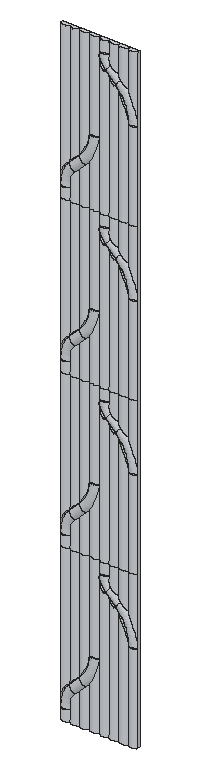
Revit family "OracDecor_W213", category Обобщенные модели, Revit 2019
Family settings
  Может служить основой для арматурных стержней = Нет
  Размер круглого соединителя = Использовать диаметр
  Тип детали = Нормальный
  На основе рабочей плоскости = Нет
  Всегда вертикально = Да
  При загрузке вырезать с полостями = Нет
  Общий = Нет
  Точка расчета площади = Нет
Parameters
  Изготовитель = "Family from POCHERTEAM"  # constant formula
  URL = "t.me/pocherteam"
Reference planes
  plane 1 "По центру (Вперед/Назад)": y = 0
  plane 2: z = 0
  plane 3 "По центру (Влево/Вправо)": x = 0
Forms (mm)
  Sweep 1, solid
    path origin (0, 0, 0) x (1, 0, 0) y (0, 0, 1)
      loop
        line (31.25, 35.378) -> (31.25, 37.378)
        arc (31.25, 37.378) -> (36.755, 64.334) -> (52.388, 86.974) r 68.75
        line (52.388, 86.974) -> (84.645, 117.94)
        arc (84.645, 117.94) -> (114.49, 161.16) -> (125, 212.622) r 131.25
        line (125, 212.622) -> (125, 214.622)
    profile origin (31.25, 0, 36.378) x (-1, 0, 0) y (0, -1, 0)
      loop
        arc (31.25, 8) -> (15.625, 16) -> (0, 8) r 19.259
        line (0, 8) -> (31.25, 8)
  Extrusion 2, solid
    sketch origin (-125, 0, 0) x (1, 0, 0) y (0, 1, 0)
      loop
        line (218.75, 0) -> (218.75, -8)
        arc (218.75, -8) -> (234.375, -16) -> (250, -8) r 19.259
        line (250, -8) -> (250, 0) -> (218.75, 0)
    from 0 to 500
  Extrusion 3, solid
    sketch origin (-218.75, 0, 0) x (1, 0, 0) y (0, 1, 0)
      loop
        line (218.75, 0) -> (218.75, -8)
        arc (218.75, -8) -> (234.375, -16) -> (250, -8) r 19.259
        line (250, -8) -> (250, 0) -> (218.75, 0)
    from 0 to 500
  Extrusion 4, solid
    sketch origin (-156.25, 0, 0) x (1, 0, 0) y (0, 1, 0)
      loop
        line (218.75, 0) -> (218.75, -8)
        arc (218.75, -8) -> (234.375, -16) -> (250, -8) r 19.259
        line (250, -8) -> (250, 0) -> (218.75, 0)
    from 0 to 500
  Extrusion 5, solid
    sketch origin (-187.5, 0, 0) x (1, 0, 0) y (0, 1, 0)
      loop
        line (218.75, 0) -> (218.75, -8)
        arc (218.75, -8) -> (234.375, -16) -> (250, -8) r 19.259
        line (250, -8) -> (250, 0) -> (218.75, 0)
    from 0 to 500
  Extrusion 6, solid
    sketch origin (375, 0, 250) x (0, 1, 0) y (-1, 0, 0)
      loop
        line (0, 218.75) -> (0, 250) -> (-8, 250)
        arc (-8, 250) -> (-16, 234.375) -> (-8, 218.75) r 19.259
        line (-8, 218.75) -> (0, 218.75)
    from -250 to 250
  Extrusion 7, solid
    sketch origin (406.25, 0, 250) x (0, 1, 0) y (-1, 0, 0)
      loop
        line (0, 218.75) -> (0, 250) -> (-8, 250)
        arc (-8, 250) -> (-16, 234.375) -> (-8, 218.75) r 19.259
        line (-8, 218.75) -> (0, 218.75)
    from -250 to 250
  Extrusion 8, solid
    sketch origin (437.5, 0, 250) x (0, 1, 0) y (-1, 0, 0)
      loop
        line (0, 218.75) -> (0, 250) -> (-8, 250)
        arc (-8, 250) -> (-16, 234.375) -> (-8, 218.75) r 19.259
        line (-8, 218.75) -> (0, 218.75)
    from -250 to 250
  Extrusion 9, solid
    sketch origin (468.75, 0, 250) x (0, 1, 0) y (-1, 0, 0)
      loop
        line (0, 218.75) -> (0, 250) -> (-8, 250)
        arc (-8, 250) -> (-16, 234.375) -> (-8, 218.75) r 19.259
        line (-8, 218.75) -> (0, 218.75)
    from -250 to 250
  Sweep 10, solid
    path origin (343.75, 0, 500) x (-1, 0, 0) y (0, 0, -1)
      loop
        line (218.75, 35.378) -> (218.75, 37.378)
        arc (218.75, 37.378) -> (213.245, 64.334) -> (197.612, 86.974) r 68.75
        line (197.612, 86.974) -> (165.355, 117.94)
        arc (165.355, 117.94) -> (135.51, 161.16) -> (125, 212.622) r 131.25
        line (125, 212.622) -> (125, 214.622)
    profile origin (125, 0, 463.622) x (0, -1, 0) y (1, 0, 0)
      loop
        line (8, 31.25) -> (8, 0)
        arc (8, 0) -> (16, 15.625) -> (8, 31.25) r 19.259
  Extrusion 11, void
    sketch origin (0, 0, 0) x (1, 0, 0) y (0, 0, 1)
      loop
        arc (125, 462.622) -> (130.505, 435.666) -> (146.138, 413.026) r 68.75
        line (146.138, 413.026) -> (178.395, 382.06)
        arc (178.395, 382.06) -> (208.24, 338.84) -> (218.75, 287.378) r 131.25
        line (218.75, 287.378) -> (218.75, 285.378) -> (250, 285.378) -> (250, 287.378)
        arc (250, 287.378) -> (236.988, 351.093) -> (200.036, 404.604) r 162.5
        line (200.036, 404.604) -> (167.78, 435.57)
        arc (167.78, 435.57) -> (159.253, 447.918) -> (156.25, 462.622) r 37.5
        line (156.25, 462.622) -> (156.25, 464.622) -> (125, 464.622) -> (125, 462.622)
      loop
        arc (84.645, 117.94) -> (114.49, 161.16) -> (125, 212.622) r 131.25
        line (125, 212.622) -> (125, 214.622) -> (93.75, 214.622) -> (93.75, 212.622)
        arc (93.75, 212.622) -> (85.743, 173.413) -> (63.003, 140.483) r 100
        line (63.003, 140.483) -> (30.747, 109.517)
        arc (30.747, 109.517) -> (8.007, 76.587) -> (0, 37.378) r 100
        line (0, 37.378) -> (0, 35.378) -> (31.25, 35.378) -> (31.25, 37.378)
        arc (31.25, 37.378) -> (36.755, 64.334) -> (52.388, 86.974) r 68.75
        line (52.388, 86.974) -> (84.645, 117.94)
    from 8 to 16
  Sweep 12, solid
    path origin (0, 0, 500) x (1, 0, 0) y (0, 0, 1)
      loop
        line (31.25, 35.378) -> (31.25, 37.378)
        arc (31.25, 37.378) -> (36.755, 64.334) -> (52.388, 86.974) r 68.75
        line (52.388, 86.974) -> (84.645, 117.94)
        arc (84.645, 117.94) -> (114.49, 161.16) -> (125, 212.622) r 131.25
        line (125, 212.622) -> (125, 214.622)
    profile origin (31.25, 0, 536.378) x (-1, 0, 0) y (0, -1, 0)
      loop
        arc (31.25, 8) -> (15.625, 16) -> (0, 8) r 19.259
        line (0, 8) -> (31.25, 8)
  Extrusion 13, solid
    sketch origin (-125, 0, 500) x (1, 0, 0) y (0, 1, 0)
      loop
        line (218.75, 0) -> (218.75, -8)
        arc (218.75, -8) -> (234.375, -16) -> (250, -8) r 19.259
        line (250, -8) -> (250, 0) -> (218.75, 0)
    from 0 to 500
  Extrusion 14, solid
    sketch origin (-218.75, 0, 500) x (1, 0, 0) y (0, 1, 0)
      loop
        line (218.75, 0) -> (218.75, -8)
        arc (218.75, -8) -> (234.375, -16) -> (250, -8) r 19.259
        line (250, -8) -> (250, 0) -> (218.75, 0)
    from 0 to 500
  Extrusion 15, solid
    sketch origin (-156.25, 0, 500) x (1, 0, 0) y (0, 1, 0)
      loop
        line (218.75, 0) -> (218.75, -8)
        arc (218.75, -8) -> (234.375, -16) -> (250, -8) r 19.259
        line (250, -8) -> (250, 0) -> (218.75, 0)
    from 0 to 500
  Extrusion 16, solid
    sketch origin (-187.5, 0, 500) x (1, 0, 0) y (0, 1, 0)
      loop
        line (218.75, 0) -> (218.75, -8)
        arc (218.75, -8) -> (234.375, -16) -> (250, -8) r 19.259
        line (250, -8) -> (250, 0) -> (218.75, 0)
    from 0 to 500
  Extrusion 17, solid
    sketch origin (375, 0, 750) x (0, 1, 0) y (-1, 0, 0)
      loop
        line (0, 218.75) -> (0, 250) -> (-8, 250)
        arc (-8, 250) -> (-16, 234.375) -> (-8, 218.75) r 19.259
        line (-8, 218.75) -> (0, 218.75)
    from -250 to 250
  Extrusion 18, solid
    sketch origin (406.25, 0, 750) x (0, 1, 0) y (-1, 0, 0)
      loop
        line (0, 218.75) -> (0, 250) -> (-8, 250)
        arc (-8, 250) -> (-16, 234.375) -> (-8, 218.75) r 19.259
        line (-8, 218.75) -> (0, 218.75)
    from -250 to 250
  Extrusion 19, solid
    sketch origin (437.5, 0, 750) x (0, 1, 0) y (-1, 0, 0)
      loop
        line (0, 218.75) -> (0, 250) -> (-8, 250)
        arc (-8, 250) -> (-16, 234.375) -> (-8, 218.75) r 19.259
        line (-8, 218.75) -> (0, 218.75)
    from -250 to 250
  Extrusion 20, solid
    sketch origin (468.75, 0, 750) x (0, 1, 0) y (-1, 0, 0)
      loop
        line (0, 218.75) -> (0, 250) -> (-8, 250)
        arc (-8, 250) -> (-16, 234.375) -> (-8, 218.75) r 19.259
        line (-8, 218.75) -> (0, 218.75)
    from -250 to 250
  Sweep 21, solid
    path origin (343.75, 0, 1000) x (-1, 0, 0) y (0, 0, -1)
      loop
        line (218.75, 35.378) -> (218.75, 37.378)
        arc (218.75, 37.378) -> (213.245, 64.334) -> (197.612, 86.974) r 68.75
        line (197.612, 86.974) -> (165.355, 117.94)
        arc (165.355, 117.94) -> (135.51, 161.16) -> (125, 212.622) r 131.25
        line (125, 212.622) -> (125, 214.622)
    profile origin (125, 0, 963.622) x (0, -1, 0) y (1, 0, 0)
      loop
        line (8, 31.25) -> (8, 0)
        arc (8, 0) -> (16, 15.625) -> (8, 31.25) r 19.259
  Extrusion 22, void
    sketch origin (0, 0, 500) x (1, 0, 0) y (0, 0, 1)
      loop
        arc (125, 462.622) -> (130.505, 435.666) -> (146.138, 413.026) r 68.75
        line (146.138, 413.026) -> (178.395, 382.06)
        arc (178.395, 382.06) -> (208.24, 338.84) -> (218.75, 287.378) r 131.25
        line (218.75, 287.378) -> (218.75, 285.378) -> (250, 285.378) -> (250, 287.378)
        arc (250, 287.378) -> (236.988, 351.093) -> (200.036, 404.604) r 162.5
        line (200.036, 404.604) -> (167.78, 435.57)
        arc (167.78, 435.57) -> (159.253, 447.918) -> (156.25, 462.622) r 37.5
        line (156.25, 462.622) -> (156.25, 464.622) -> (125, 464.622) -> (125, 462.622)
      loop
        arc (84.645, 117.94) -> (114.49, 161.16) -> (125, 212.622) r 131.25
        line (125, 212.622) -> (125, 214.622) -> (93.75, 214.622) -> (93.75, 212.622)
        arc (93.75, 212.622) -> (85.743, 173.413) -> (63.003, 140.483) r 100
        line (63.003, 140.483) -> (30.747, 109.517)
        arc (30.747, 109.517) -> (8.007, 76.587) -> (0, 37.378) r 100
        line (0, 37.378) -> (0, 35.378) -> (31.25, 35.378) -> (31.25, 37.378)
        arc (31.25, 37.378) -> (36.755, 64.334) -> (52.388, 86.974) r 68.75
        line (52.388, 86.974) -> (84.645, 117.94)
    from 8 to 16
  Sweep 23, solid
    path origin (0, 0, 1000) x (1, 0, 0) y (0, 0, 1)
      loop
        line (31.25, 35.378) -> (31.25, 37.378)
        arc (31.25, 37.378) -> (36.755, 64.334) -> (52.388, 86.974) r 68.75
        line (52.388, 86.974) -> (84.645, 117.94)
        arc (84.645, 117.94) -> (114.49, 161.16) -> (125, 212.622) r 131.25
        line (125, 212.622) -> (125, 214.622)
    profile origin (31.25, 0, 1036.378) x (-1, 0, 0) y (0, -1, 0)
      loop
        arc (31.25, 8) -> (15.625, 16) -> (0, 8) r 19.259
        line (0, 8) -> (31.25, 8)
  Extrusion 24, solid
    sketch origin (-125, 0, 1000) x (1, 0, 0) y (0, 1, 0)
      loop
        line (218.75, 0) -> (218.75, -8)
        arc (218.75, -8) -> (234.375, -16) -> (250, -8) r 19.259
        line (250, -8) -> (250, 0) -> (218.75, 0)
    from 0 to 500
  Extrusion 25, solid
    sketch origin (-218.75, 0, 1000) x (1, 0, 0) y (0, 1, 0)
      loop
        line (218.75, 0) -> (218.75, -8)
        arc (218.75, -8) -> (234.375, -16) -> (250, -8) r 19.259
        line (250, -8) -> (250, 0) -> (218.75, 0)
    from 0 to 500
  Extrusion 26, solid
    sketch origin (-156.25, 0, 1000) x (1, 0, 0) y (0, 1, 0)
      loop
        line (218.75, 0) -> (218.75, -8)
        arc (218.75, -8) -> (234.375, -16) -> (250, -8) r 19.259
        line (250, -8) -> (250, 0) -> (218.75, 0)
    from 0 to 500
  Extrusion 27, solid
    sketch origin (-187.5, 0, 1000) x (1, 0, 0) y (0, 1, 0)
      loop
        line (218.75, 0) -> (218.75, -8)
        arc (218.75, -8) -> (234.375, -16) -> (250, -8) r 19.259
        line (250, -8) -> (250, 0) -> (218.75, 0)
    from 0 to 500
  Extrusion 28, solid
    sketch origin (375, 0, 1250) x (0, 1, 0) y (-1, 0, 0)
      loop
        line (0, 218.75) -> (0, 250) -> (-8, 250)
        arc (-8, 250) -> (-16, 234.375) -> (-8, 218.75) r 19.259
        line (-8, 218.75) -> (0, 218.75)
    from -250 to 250
  Extrusion 29, solid
    sketch origin (406.25, 0, 1250) x (0, 1, 0) y (-1, 0, 0)
      loop
        line (0, 218.75) -> (0, 250) -> (-8, 250)
        arc (-8, 250) -> (-16, 234.375) -> (-8, 218.75) r 19.259
        line (-8, 218.75) -> (0, 218.75)
    from -250 to 250
  Extrusion 30, solid
    sketch origin (437.5, 0, 1250) x (0, 1, 0) y (-1, 0, 0)
      loop
        line (0, 218.75) -> (0, 250) -> (-8, 250)
        arc (-8, 250) -> (-16, 234.375) -> (-8, 218.75) r 19.259
        line (-8, 218.75) -> (0, 218.75)
    from -250 to 250
  Extrusion 31, solid
    sketch origin (468.75, 0, 1250) x (0, 1, 0) y (-1, 0, 0)
      loop
        line (0, 218.75) -> (0, 250) -> (-8, 250)
        arc (-8, 250) -> (-16, 234.375) -> (-8, 218.75) r 19.259
        line (-8, 218.75) -> (0, 218.75)
    from -250 to 250
  Sweep 32, solid
    path origin (343.75, 0, 1500) x (-1, 0, 0) y (0, 0, -1)
      loop
        line (218.75, 35.378) -> (218.75, 37.378)
        arc (218.75, 37.378) -> (213.245, 64.334) -> (197.612, 86.974) r 68.75
        line (197.612, 86.974) -> (165.355, 117.94)
        arc (165.355, 117.94) -> (135.51, 161.16) -> (125, 212.622) r 131.25
        line (125, 212.622) -> (125, 214.622)
    profile origin (125, 0, 1463.622) x (0, -1, 0) y (1, 0, 0)
      loop
        line (8, 31.25) -> (8, 0)
        arc (8, 0) -> (16, 15.625) -> (8, 31.25) r 19.259
  Extrusion 33, void
    sketch origin (0, 0, 1000) x (1, 0, 0) y (0, 0, 1)
      loop
        arc (125, 462.622) -> (130.505, 435.666) -> (146.138, 413.026) r 68.75
        line (146.138, 413.026) -> (178.395, 382.06)
        arc (178.395, 382.06) -> (208.24, 338.84) -> (218.75, 287.378) r 131.25
        line (218.75, 287.378) -> (218.75, 285.378) -> (250, 285.378) -> (250, 287.378)
        arc (250, 287.378) -> (236.988, 351.093) -> (200.036, 404.604) r 162.5
        line (200.036, 404.604) -> (167.78, 435.57)
        arc (167.78, 435.57) -> (159.253, 447.918) -> (156.25, 462.622) r 37.5
        line (156.25, 462.622) -> (156.25, 464.622) -> (125, 464.622) -> (125, 462.622)
      loop
        arc (84.645, 117.94) -> (114.49, 161.16) -> (125, 212.622) r 131.25
        line (125, 212.622) -> (125, 214.622) -> (93.75, 214.622) -> (93.75, 212.622)
        arc (93.75, 212.622) -> (85.743, 173.413) -> (63.003, 140.483) r 100
        line (63.003, 140.483) -> (30.747, 109.517)
        arc (30.747, 109.517) -> (8.007, 76.587) -> (0, 37.378) r 100
        line (0, 37.378) -> (0, 35.378) -> (31.25, 35.378) -> (31.25, 37.378)
        arc (31.25, 37.378) -> (36.755, 64.334) -> (52.388, 86.974) r 68.75
        line (52.388, 86.974) -> (84.645, 117.94)
    from 8 to 16
  Sweep 34, solid
    path origin (0, 0, 1500) x (1, 0, 0) y (0, 0, 1)
      loop
        line (31.25, 35.378) -> (31.25, 37.378)
        arc (31.25, 37.378) -> (36.755, 64.334) -> (52.388, 86.974) r 68.75
        line (52.388, 86.974) -> (84.645, 117.94)
        arc (84.645, 117.94) -> (114.49, 161.16) -> (125, 212.622) r 131.25
        line (125, 212.622) -> (125, 214.622)
    profile origin (31.25, 0, 1536.378) x (-1, 0, 0) y (0, -1, 0)
      loop
        arc (31.25, 8) -> (15.625, 16) -> (0, 8) r 19.259
        line (0, 8) -> (31.25, 8)
  Extrusion 35, solid
    sketch origin (-125, 0, 1500) x (1, 0, 0) y (0, 1, 0)
      loop
        line (218.75, 0) -> (218.75, -8)
        arc (218.75, -8) -> (234.375, -16) -> (250, -8) r 19.259
        line (250, -8) -> (250, 0) -> (218.75, 0)
    from 0 to 500
  Extrusion 36, solid
    sketch origin (-218.75, 0, 1500) x (1, 0, 0) y (0, 1, 0)
      loop
        line (218.75, 0) -> (218.75, -8)
        arc (218.75, -8) -> (234.375, -16) -> (250, -8) r 19.259
        line (250, -8) -> (250, 0) -> (218.75, 0)
    from 0 to 500
  Extrusion 37, solid
    sketch origin (-156.25, 0, 1500) x (1, 0, 0) y (0, 1, 0)
      loop
        line (218.75, 0) -> (218.75, -8)
        arc (218.75, -8) -> (234.375, -16) -> (250, -8) r 19.259
        line (250, -8) -> (250, 0) -> (218.75, 0)
    from 0 to 500
  Extrusion 38, solid
    sketch origin (-187.5, 0, 1500) x (1, 0, 0) y (0, 1, 0)
      loop
        line (218.75, 0) -> (218.75, -8)
        arc (218.75, -8) -> (234.375, -16) -> (250, -8) r 19.259
        line (250, -8) -> (250, 0) -> (218.75, 0)
    from 0 to 500
  Extrusion 39, solid
    sketch origin (375, 0, 1750) x (0, 1, 0) y (-1, 0, 0)
      loop
        line (0, 218.75) -> (0, 250) -> (-8, 250)
        arc (-8, 250) -> (-16, 234.375) -> (-8, 218.75) r 19.259
        line (-8, 218.75) -> (0, 218.75)
    from -250 to 250
  Extrusion 40, solid
    sketch origin (406.25, 0, 1750) x (0, 1, 0) y (-1, 0, 0)
      loop
        line (0, 218.75) -> (0, 250) -> (-8, 250)
        arc (-8, 250) -> (-16, 234.375) -> (-8, 218.75) r 19.259
        line (-8, 218.75) -> (0, 218.75)
    from -250 to 250
  Extrusion 41, solid
    sketch origin (437.5, 0, 1750) x (0, 1, 0) y (-1, 0, 0)
      loop
        line (0, 218.75) -> (0, 250) -> (-8, 250)
        arc (-8, 250) -> (-16, 234.375) -> (-8, 218.75) r 19.259
        line (-8, 218.75) -> (0, 218.75)
    from -250 to 250
  Extrusion 42, solid
    sketch origin (468.75, 0, 1750) x (0, 1, 0) y (-1, 0, 0)
      loop
        line (0, 218.75) -> (0, 250) -> (-8, 250)
        arc (-8, 250) -> (-16, 234.375) -> (-8, 218.75) r 19.259
        line (-8, 218.75) -> (0, 218.75)
    from -250 to 250
  Sweep 43, solid
    path origin (343.75, 0, 2000) x (-1, 0, 0) y (0, 0, -1)
      loop
        line (218.75, 35.378) -> (218.75, 37.378)
        arc (218.75, 37.378) -> (213.245, 64.334) -> (197.612, 86.974) r 68.75
        line (197.612, 86.974) -> (165.355, 117.94)
        arc (165.355, 117.94) -> (135.51, 161.16) -> (125, 212.622) r 131.25
        line (125, 212.622) -> (125, 214.622)
    profile origin (125, 0, 1963.622) x (0, -1, 0) y (1, 0, 0)
      loop
        line (8, 31.25) -> (8, 0)
        arc (8, 0) -> (16, 15.625) -> (8, 31.25) r 19.259
  Extrusion 44, void
    sketch origin (0, 0, 1500) x (1, 0, 0) y (0, 0, 1)
      loop
        arc (125, 462.622) -> (130.505, 435.666) -> (146.138, 413.026) r 68.75
        line (146.138, 413.026) -> (178.395, 382.06)
        arc (178.395, 382.06) -> (208.24, 338.84) -> (218.75, 287.378) r 131.25
        line (218.75, 287.378) -> (218.75, 285.378) -> (250, 285.378) -> (250, 287.378)
        arc (250, 287.378) -> (236.988, 351.093) -> (200.036, 404.604) r 162.5
        line (200.036, 404.604) -> (167.78, 435.57)
        arc (167.78, 435.57) -> (159.253, 447.918) -> (156.25, 462.622) r 37.5
        line (156.25, 462.622) -> (156.25, 464.622) -> (125, 464.622) -> (125, 462.622)
      loop
        arc (84.645, 117.94) -> (114.49, 161.16) -> (125, 212.622) r 131.25
        line (125, 212.622) -> (125, 214.622) -> (93.75, 214.622) -> (93.75, 212.622)
        arc (93.75, 212.622) -> (85.743, 173.413) -> (63.003, 140.483) r 100
        line (63.003, 140.483) -> (30.747, 109.517)
        arc (30.747, 109.517) -> (8.007, 76.587) -> (0, 37.378) r 100
        line (0, 37.378) -> (0, 35.378) -> (31.25, 35.378) -> (31.25, 37.378)
        arc (31.25, 37.378) -> (36.755, 64.334) -> (52.388, 86.974) r 68.75
        line (52.388, 86.974) -> (84.645, 117.94)
    from 8 to 16
Cuts and joins
  Extrusion 22, Extrusion 33 cuts Sweep 1
  Extrusion 22, Extrusion 33 cuts Sweep 10
  Extrusion 11 cuts Extrusion 2
  Extrusion 11 cuts Extrusion 3
  Extrusion 11 cuts Extrusion 4
  Extrusion 11 cuts Extrusion 5
  Extrusion 11 cuts Extrusion 6
  Extrusion 11 cuts Extrusion 7
  Extrusion 11 cuts Extrusion 8
  Extrusion 11 cuts Extrusion 9
  Extrusion 22, Extrusion 44 cuts Extrusion 13
  Extrusion 22, Extrusion 44 cuts Extrusion 14
  Extrusion 22, Extrusion 44 cuts Extrusion 15
  Extrusion 22, Extrusion 44 cuts Extrusion 16
  Extrusion 22, Extrusion 44 cuts Extrusion 17
  Extrusion 22, Extrusion 44 cuts Extrusion 18
  Extrusion 22, Extrusion 44 cuts Extrusion 19
  Extrusion 22, Extrusion 44 cuts Extrusion 20
  Extrusion 33 cuts Extrusion 24
  Extrusion 33 cuts Extrusion 25
  Extrusion 33 cuts Extrusion 26
  Extrusion 33 cuts Extrusion 27
  Extrusion 33 cuts Extrusion 28
  Extrusion 33 cuts Extrusion 29
  Extrusion 33 cuts Extrusion 30
  Extrusion 33 cuts Extrusion 31
  Extrusion 44 cuts Extrusion 35
  Extrusion 44 cuts Extrusion 36
  Extrusion 44 cuts Extrusion 37
  Extrusion 44 cuts Extrusion 38
  Extrusion 44 cuts Extrusion 39
  Extrusion 44 cuts Extrusion 40
  Extrusion 44 cuts Extrusion 41
  Extrusion 44 cuts Extrusion 42
  joined: Extrusion 2, Extrusion 3, Extrusion 4, Extrusion 5, Extrusion 6, Extrusion 7, Extrusion 8, Extrusion 9, Extrusion 13, Extrusion 14, Extrusion 15, Extrusion 16, Extrusion 17, Extrusion 18, Extrusion 19, Extrusion 20, Extrusion 24, Extrusion 25, Extrusion 26, Extrusion 27, Extrusion 28, Extrusion 29, Extrusion 30, Extrusion 31, Extrusion 35, Extrusion 36, Extrusion 37, Extrusion 38, Extrusion 39, Extrusion 40, Extrusion 41, Extrusion 42
Dimensions and locks
  cut or joined group of Extrusion 2, Extrusion 3, Extrusion 4, Extrusion 5, Extrusion 6, Extrusion 7, Extrusion 8, Extrusion 9, Extrusion 11, Extrusion 13, Extrusion 14, Extrusion 15, Extrusion 16, Extrusion 17, Extrusion 18, Extrusion 19, Extrusion 20, Extrusion 22, Extrusion 24, Extrusion 25, Extrusion 26, Extrusion 27, Extrusion 28, Extrusion 29, Extrusion 30, Extrusion 31, Extrusion 33, Extrusion 35, Extrusion 36, Extrusion 37, Extrusion 38, Extrusion 39, Extrusion 40, Extrusion 41, Extrusion 42, Extrusion 44 to level = 2000 mm
  aligned and locked: level to plane 2
